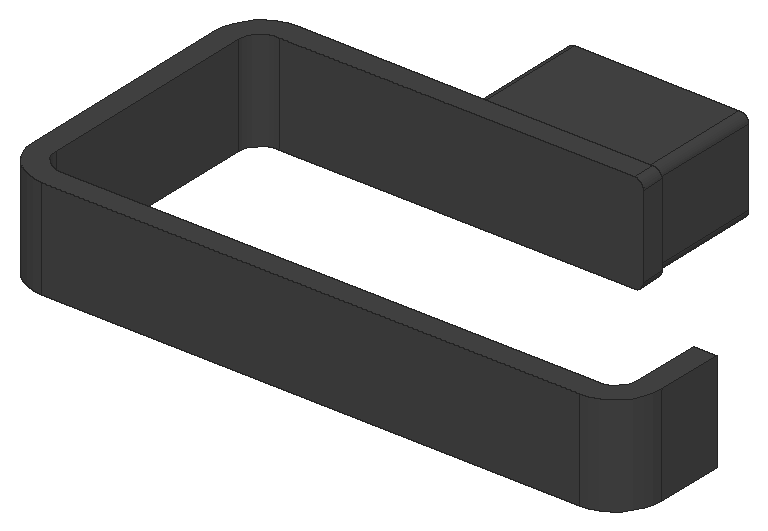
Revit family "rba-bim-rba1643-102", category Plumbing Fixtures, Revit 2016
Family settings
  Part Type = Normal
  Round Connector Dimension = Use Diameter
  Work Plane-Based = No
  Always vertical = Yes
  Cut with Voids When Loaded = No
  Shared = Yes
  Room Calculation Point = No
Parameters (values of type "RBA1643-302")
  Watermarked By = "www.rba.com.au"
  Waste Connection = yes
  Vent Connection = yes
  URL = ""
  Phone Number = "1300 788 778"
  Modified Issue = "20190925.01"
  Model = "RBA1643-302"
  Materials and Finishes = Heavy Duty Brass in a Matte Black Finish
  Manufacturer Model = ""
  Manufacturer = "RBA Group"  # constant formula
  HW Connection = yes
  Description = "äska Toilet Roll Holder #1"
  Copyright by = "RBA Group"  # constant formula
  CW Connection = yes
Types (2, lengths in mm): name | Modified Issue | Model | Materials and Finishes
  RBA1643-102 | "20190225.01" | "RBA1643-102" | Chrome Plated Brass
  RBA1643-302 | "20190925.01" | "RBA1643-302" | Heavy Duty Brass in a Matte Black Finish
Reference planes
  plane 1 "Center (Front/Back)": y = 0
  plane 2: z = 0
  plane 3 "Center (Left/Right)": x = 0
Forms (mm)
  Extrusion 1, solid, material "Heavy Duty Brass in a Matte Black Finish" <- "Materials and Finishes"
    sketch origin (-4.605, 0, 0) x (1, 0, 0) y (0, 0, 1)
      loop
        arc (-13.395, 21.5) -> (-14.81, 20.914) -> (-15.395, 19.5) r 2
        line (-15.395, 19.5) -> (-15.395, 2.5)
        arc (-15.395, 2.5) -> (-14.81, 1.086) -> (-13.395, 0.5) r 2
        line (-13.395, 0.5) -> (22.605, 0.5)
        arc (22.605, 0.5) -> (24.019, 1.086) -> (24.605, 2.5) r 2
        line (24.605, 2.5) -> (24.605, 19.5)
        arc (24.605, 19.5) -> (24.019, 20.914) -> (22.605, 21.5) r 2
        line (22.605, 21.5) -> (-13.395, 21.5)
    from 0 to 25
  Extrusion 2, solid, material "Heavy Duty Brass in a Matte Black Finish" <- "Materials and Finishes"
    sketch origin (0, 0, 0) x (1, 0, 0) y (0, 1, 0)
      loop
        line (21, -25) -> (-59, -25)
        arc (-59, -25) -> (-66.071, -27.929) -> (-69, -35) r 10
        line (-69, -35) -> (-69, -85)
        arc (-69, -85) -> (-66.071, -92.071) -> (-59, -95) r 10
        line (-59, -95) -> (59, -95)
        arc (59, -95) -> (66.071, -92.071) -> (69, -85) r 10
        line (69, -85) -> (69, -70) -> (64, -70) -> (64, -85)
        arc (64, -85) -> (62.536, -88.536) -> (59, -90) r 5
        line (59, -90) -> (-59, -90)
        arc (-59, -90) -> (-62.536, -88.536) -> (-64, -85) r 5
        line (-64, -85) -> (-64, -35)
        arc (-64, -35) -> (-62.536, -31.464) -> (-59, -30) r 5
        line (-59, -30) -> (21, -30) -> (21, -25)
    from 0 to 22
  Extrusion 3, void
    sketch origin (0, 0, 0) x (1, 0, 0) y (0, 0, 1)
      loop
        arc (21, 1.961) -> (20.426, 0.574) -> (19.039, 0) r 1.961
        line (19.039, 0) -> (22.039, 0) -> (22.039, 22) -> (19.039, 22)
        arc (19.039, 22) -> (20.426, 21.426) -> (21, 20.039) r 1.961
        line (21, 20.039) -> (21, 1.961)
    from 25 to 30
Cuts and joins
  Extrusion 3 cuts Extrusion 1
  Extrusion 3 cuts Extrusion 2
Dimensions and locks
  aligned and locked: plane 2 to level
